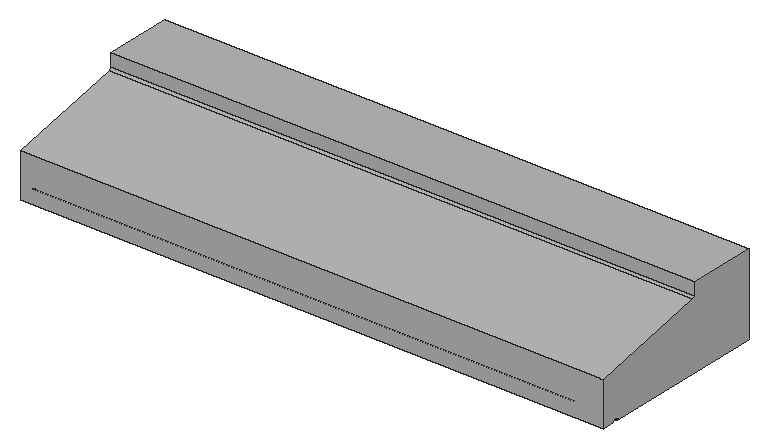
Revit family "F-Sill -S404", category Generic Models, Revit 2020
Family settings
  Can host rebar = No
  Round Connector Dimension = Use Diameter
  Part Type = Normal
  Work Plane-Based = No
  Always vertical = Yes
  Cut with Voids When Loaded = No
  Shared = No
  Room Calculation Point = No
Parameters
  Width of Seating = 116 mm
  Weight = "83Kg/m"
  Warranty Guarantor Parts = "n/a"
  Warranty Guarantor Labour = "n/a"
  Warranty Duration Unit = "n/a"
  Warranty Duration Parts = "n/a"
  Warranty Duration Labour = "n/a"
  Warranty Description = "n/a"
  URL = "www.killeshal.com"
  Types = "Single"
  Type Comments = "Visit our website for a full list of available products."
  Sustainability Performance = "n/a"
  Structural Class = "n/a"
  Span = "Ope Size + 205mm overhang."
  Slope = "0.00°"
  Size = "310mm x 140 to 75mm"
  Sill Width [instance] = 310 mm
  Sill Length [instance] = 1002 mm
  Sill Height [instance] = 140 mm
  Shape = "As per drawing"
  Service Life = "0.000000"
  Serial Number = "n/a"
  Resistance to Fire = "n/a"
  Replacement Cost = "n/a"
  Reference = "n/a"
  Notified Body = "n/a"
  Nominal Cover to Main Bar = "n/a"
  Model = "S/404 Sill"
  Mechanical Resistance = "n/a"
  Manufacturer = "Killeshal Precast Concrete Ltd."
  Load Bearing = no
  Life Cycle Environmental Load = "n/a"
  Length Options = "All sizes made to order."
  Keynote = "The information contained is the sole property of KPC Ltd., any reproduction in part or whole without permission of KPC Ltd. is prohibited."
  Front Face Dimension = 75 mm
  Environmental Product Declaration = "n/a"
  Environmental Class = "n/a"
  Durability against Corrosion = "n/a"
  Distance from Face to Seating = 194 mm
  Dimension Accuracy Class = "n/a"
  Detailing = "As per design specification and product drawings."
  Description = "Type F-Sill"
  Default Elevation = 0 mm
  Dangerous Substances = "n/a"
  Contact Tel = "0035357 9353018"
  Contact Email = "sales@killeshal.com"
  Construction Type = "Precast"
  Construction Tolerance Class = "n/a"
  Compressive Strength of Concrete = "n/a"
  Characteristics of Reinforcing Steel = "n/a"
  Characteristics Deflection Under Load = "n/a"
Reference planes
  plane 1 "Center (Front/Back)": y = 0
  plane 2: z = 0
  plane 3 "Center (Left/Right)": x = 0
  plane 4 "Rear": y = 155
  plane 5 "Front": y = -155
  plane 6 "Top": z = 140
  plane 7 "Center L/T": z = 75
  plane 8 "Center L/U": y = 39.5
  plane 9 "Center L/V": z = 115
Forms (mm)
  Extrusion 1, solid, material "Precast Concrete (KPC)"
    sketch origin (0, 0, 0) x (0, 1, 0) y (0, 0, 1)
      loop
        line (155, 0) -> (155, 140) -> (39.5, 140) -> (39.5, 118.707)
        arc (39.5, 118.707) -> (38.603, 116.183) -> (36.315, 114.791) r 4
        line (36.315, 114.791) -> (-155, 75) -> (-155, 0) -> (-135.5, 0)
        arc (-135.5, 0) -> (-130.5, 5) -> (-125.5, 0) r 5
        line (-125.5, 0) -> (155, 0)
    from 0 to 1002
Dimensions and locks
  "Sill Length": Extrusion 1 to Extrusion 1
  "Sill Width": Extrusion 1 to Extrusion 1
  plane 7 "Center L/T" to Extrusion 1 = 75 mm
  "Sill Height": Extrusion 1 to Extrusion 1
  plane 4 "Rear" to plane 8 "Center L/U" = 115.5 mm
  plane 6 "Top" to plane 9 "Center L/V" = 25 mm
  aligned and locked: level to plane 2
Automatic sketch dimensions
  Extrusion 1 sketch curve to level = 0 mm
  Extrusion 1 sketch curve to plane 5 "Front" = 0 mm
  Extrusion 1 sketch curve to plane 8 "Center L/U" = 0 mm
  Extrusion 1 sketch curve to plane 4 "Rear" = 0 mm
  Extrusion 1 sketch curve to plane 7 "Center L/T" = 0 mm
  Extrusion 1 sketch curve to plane 6 "Top" = 0 mm
  plane 5 "Front" to Extrusion 1 sketch curve = 19.5 mm
  Extrusion 1 sketch curve to Extrusion 1 sketch curve = 5 mm
  Extrusion 1 sketch curve to Extrusion 1 sketch curve = 4 mm
  Extrusion 1 sketch curve to plane 9 "Center L/V" = 0.209 mm
  Extrusion 1 sketch curve to plane 8 "Center L/U" = 3.185 mm
